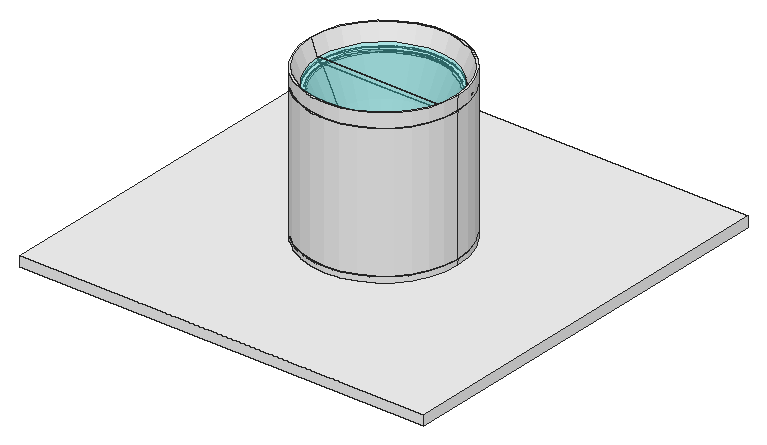
Revit family "BE_24419_de_DE", category Leuchten, Revit 2020
Family settings
  Basisbauteil = Fläche
  Bemaßung runder Anschluss = Durchmesser verwenden
  Teiletyp = Normal
  Beim Laden mit Abzugskörper schneiden = Ja
  Lichtquelle = Ja
  Gemeinsam genutzt = Nein
  Raumberechnungspunkt = Ja
Parameters (values of type "BEGA_24419_Weiß_K3")
  built-in parameter 1150104 = 10.87 (stored number, unit not read)
  Wattage = 24.1 W
  Default Elevation = 0 mm
  built-in parameter 1150113 = 1 (stored number, unit not read)
  built-in parameter 1114218 = 1 (stored number, unit not read)
  Umgebungstemperatur = "25 °C"
  URL = "https://www.bega.com/de/produkt/24419"
  Typenkommentare = "© 2022 BEGA. Wir behalten uns das Recht vor, technische Änderungen ohne vorherige Ankündigung vorzunehmen."  # constant formula
  Type Image = 24419.png
  built-in parameter 1150134 = (empty or 0)
  built-in parameter 1150109 = 1 (stored number, unit not read)
  Strom = "0,7 A"
  built-in parameter 1150110 = 1 (stored number, unit not read)
  Spannung = 239.996 V
  Sonderanfertigung = no
  Seriennummer [instance] = "Hier können Sie die eindeutige Seriennummer für das Facility Management eintragen."
  Schutzklasse = "I"
  Schutzart = "IP 65"
  Scheinlast = 0 VA
  Produktdatenblatt = "https://cdn.bega.com/bega/products/24419WK4/current/documents/data-sheets/de"
  Oberflächentemperatur = ""
  Neigungswinkel = 0.00°
  Modell = "24419WK3"
  Material_17 = BEGA_Reflektor
  Material_15 = BEGA_Leuchtmedium_matt
  Material_11 = BEGA_Glas_opal
  Material_09 = BEGA_Glas_klar
  Material_06 = BEGA_Oberfläche_Edelstahl_gebürstet
  Material_03 = BEGA_Oberfläche_Weiss_matt
  Material_02 = BEGA_Oberfläche_Silber_matt
  Material_01 [instance] = BEGA_Oberfläche_Grafit_matt
  M_W = yes
  M_G = no
  M_A = no
  Logo = 0
  built-in parameter 1114217 = 1 (stored number, unit not read)
  built-in parameter 1150139 = (empty or 0)
  built-in parameter 1150105 = 6903.7 (stored number, unit not read)
  built-in parameter 1150114 = 1 (stored number, unit not read)
  Lumens = 2819.7 lm
  built-in parameter 1150115 = 1 (stored number, unit not read)
  Leuchtenlichtstrom = "2827 lm"
  Leuchtenanzahl = ""
  Lebensdauerkriterien = "L70B50 @ 25 °C = 170000 h"
  Lastklassifizierung = Beleuchtung
  built-in parameter 1150112 = 1 (stored number, unit not read)
  Lampenlichtstrom = "3910 lm"
  Lampe = "LED 24.1 W"
  LED_Modulbezeichnung = "LED-0800/830"
  built-in parameter 1150142 = (empty or 0)
  Hersteller = "BEGA"  # constant formula
  Halbstreuwinkel = ""
  Gewicht = "1.7 kg"
  Gebrauchslageneinschränkung [instance] = ""
  Frequenz = "0/50-60 Hz"
  Farbwiedergabeindex = "CRI > 80"
  Farbtemperaturverschiebung bei Dämpfen der Lampe = <Keine Auswahl>
  Farbtemperatur = "3000 K"
  Color Filter = 16777215
  built-in parameter 1150133 = 10 (stored number, unit not read)
  Energieeffizienzklasse = "LED A++ - A"
  built-in parameter 1150137 = (empty or 0)
  built-in parameter 1150132 = (empty or 0)
  ENEC = "ja"
  Dimmbar [instance] = "DALI"
  Datei für fotometrisches Netz = "BE_24419K3.IES"
  CE_Konformität = "ja"
  Bestellnummer = "24419WK3"
  Beschreibung_Sonderanfertigung = "Hier können Sie Informationen zur Sonderanfertigung eintragen."
  Beschreibung = "Deckenaufbau-Tiefstrahler"
  built-in parameter 1150106 = 69.037 (stored number, unit not read)
  Befestigungsbohrung = "Ø 4,3 mm"
  Befestigungsabstand = "123 mm"
  Ballwurfsicher = ""
  BEGA_Intern_aus = yes
  BEGA_Intern_an = yes
  BEGA_Intern_Konstruktion = yes
  BEGA_Intern = yes
  BEGA_IES = yes
  BEGA_Dummy = no
  Anschlussleitung = ""
  Anschlussleistung [instance] = "27 W"
  Anschlusskasten = ""
  built-in parameter 1150107 = 3000 (stored number, unit not read)
  built-in parameter 1150102 = (empty or 0)
  built-in parameter 1150138 = (empty or 0)
  Aktualisierung = "2022-05-18T04:00:07"
  Abstand_zur_angestrahlten_Fläche [instance] = ""
  AC/DC = "AC/DC"
Types (4, lengths in mm): name | built-in parameter 1150104 | built-in parameter 1150134 | Modell | M_W | M_G | built-in parameter 1150105 | Lumens | Leuchtenlichtstrom | Lampenlichtstrom | LED_Modulbezeichnung | built-in parameter 1150142 | Farbtemperatur | Datei für fotometrisches Netz | Bestellnummer | built-in parameter 1150106 | built-in parameter 1150107
  BEGA_24419_Grafit_K4 | 11.148 (stored number, unit not read) | 12 | "24419K4" | no | yes | 230.14 (stored number, unit not read) | 2892 lm | "2900 lm" | "4010 lm" | "LED-0800/840" | "IESNA:LM-63-1995\r\n[TEST] \r\n[MANUFAC] BEGA\r\n[MORE] Converted by LUMCat V \r\n[MORE] 12.07.2019 / H.R.\r\n[LUMCAT] \r\n[LUMINAIRE] 24419K4\r\n[LAMPCAT] LED  24,1W\r\n[LAMPCAT] LED  24,1W    2900 lm,   27 W\r\n[LAMP] LED  24,1W\r\nTILT=NONE\r\n1    2900 1.0 37 1 1 2 -0.120 0.000 0.000\r\n1.0 1.0 27\r\n   0.0   2.5   5.0   7.5  10.0  12.5  15.0  17.5  20.0  22.5  25.0  27.5  30.0\r\n  32.5  35.0  37.5  40.0  42.5  45.0  47.5  50.0  52.5  55.0  57.5  60.0  62.5\r\n  65.0  67.5  70.0  72.5  75.0  77.5  80.0  82.5  85.0  87.5  90.0\r\n   0.0\r\n    7079.2    7100.4    7090.8    6766.3    6022.4    5173.0    4051.6    2930.5\r\n    2108.3    1596.7    1313.2    1120.1     948.3     790.8     631.7     505.9\r\n     365.5     227.1     129.7      74.9      52.5      40.1      30.9      21.2\r\n      11.0       3.7       0.9       0.1       0.0       0.0       0.0       0.0\r\n       0.0       0.0       0.0       0.0       0.0\r\n" | "4000 K" | "BE_24419K4.IES" | "24419K4" | 2.3014 (stored number, unit not read) | 4000 (stored number, unit not read)
  BEGA_24419_Grafit_K3 | 10.87 (stored number, unit not read) | (empty or 0) | "24419K3" | no | yes | 6903.7 (stored number, unit not read) | 2819.7 lm | "2827 lm" | "3910 lm" | "LED-0800/830" | (empty or 0) | "3000 K" | "BE_24419K3.IES" | "24419K3" | 69.037 (stored number, unit not read) | 3000 (stored number, unit not read)
  BEGA_24419_Weiß_K3 | 10.87 (stored number, unit not read) | (empty or 0) | "24419WK3" | yes | no | 6903.7 (stored number, unit not read) | 2819.7 lm | "2827 lm" | "3910 lm" | "LED-0800/830" | (empty or 0) | "3000 K" | "BE_24419K3.IES" | "24419WK3" | 69.037 (stored number, unit not read) | 3000 (stored number, unit not read)
  BEGA_24419_Weiß_K4 | 11.148 (stored number, unit not read) | 12 | "24419WK4" | yes | no | 7080.8 (stored number, unit not read) | 2892 lm | "2900 lm" | "4010 lm" | "LED-0800/840" | (empty or 0) | "4000 K" | "BE_24419K4.IES" | "24419WK4" | 70.808 (stored number, unit not read) | 4000 (stored number, unit not read)
Reference planes
  plane 1 "Mitte (Vorne/Hinten)": y = 0
  plane 2: z = 0
  plane 3 "Mitte (Links/Rechts)": x = 0
  plane 4 "Links": x = -73.502
  plane 5 "Rechts": x = 73.703
  plane 6 "Unten": y = -73.507
  plane 7 "Oben": y = 73.524
  plane 8 "Vorne": z = 150.379
  plane 9 "Hinten": z = 0
Forms (mm)
  Extrusion 1, solid, material "BEGA_Platte_Weiss"
    sketch origin (0, -1119.2, 0) x (1, 0, 0) y (0, 1, 0)
      loop
        line (-200, 1319.2) -> (-200, 919.2) -> (200, 919.2) -> (200, 1319.2) -> (-200, 1319.2)
    from 0 to -10
  Extrusion 2, solid, material "BEGA_Dummy_matt", visible <- "BEGA_Dummy"
    sketch origin (77.149, -76.023, 0) x (1, 0, 0) y (0, 1, 0)
      loop
        circle (-77.149, 76.023) r 73.502
    from 0 to 150.379
Dimensions and locks
  plane 1 "Mitte (Vorne/Hinten)" to Extrusion 1 = 200 mm
  aligned and locked: plane 2 to Extrusion 1
  aligned and locked: level to Extrusion 1
Nested families
  nested 1: "BE_24419" at (0, 0, 0), type "BE_24419"
Connectors
  electrical at (0, 0, 0), driven by "Lastklassifizierung", driven by "Spannung", driven by "Scheinlast"
    settings: index 1, voltage 239.996 V, apparent load 0 VA, apparent load phase1 0 VA, apparent load phase2 0 VA, apparent load phase3 0 VA, power factor 1, load classification "Beleuchtung", number of poles 1, system type 31, power factor state 1, is connector primary yes, connector utility no, sub classification motor no, connector description ""
Definition of nested family "BE_24419"
  Parameters (values of type "BE_24419")
    Default Elevation = 1 mm
    URL = "http://www.bega.de/de/produkt"
    Type Comments = "© 2015 BEGA. Wir behalten uns das Recht vor, technische Änderungen ohne vorherige Ankündigung vorzunehmen. "  # constant formula
    Type Image = (empty or 0)
    Neigungswinkel_um_Z2 = 0.00°
    Neigungswinkel_um_Z1 = 0.00°
    Neigungswinkel_um_Y2 = 0.00°
    Neigungswinkel_um_Y1 = 0.00°
    Neigungswinkel_um_X2 = 0.00°
    Neigungswinkel_um_X1 = 0.00°
    Material_17 = none
    Material_15 = none
    Material_11 = none
    Material_09 = none
    Material_06 = none
    Material_03 = none
    Material_02 = none
    Material_01 = none
    M_W = yes
    M_G = yes
    M_A = yes
    Länge_Platte = 200 mm  # constant formula
    Höhe_Platte = -10 mm  # constant formula
    Manufacturer = "BEGA"  # constant formula
    Drehwinkel_um_Z2 = 0.00°
    Drehwinkel_um_Z1 = 0.00°
    Breite_Platte = 200 mm  # constant formula
  Reference planes
    plane 1 "Mitte (Oben/Unten)": y = 0
    plane 2: z = 0
    plane 3 "Mitte (Links/Rechts)": x = 0
    plane 4 "Hinten": z = -40
    plane 5 "Links": x = -73.502
    plane 6 "Oben": y = 73.524
    plane 7 "Unten": y = -73.507
    plane 8: z = 150.2
    plane 9: x = 73.5
  Forms (mm)
    Extrusion 1, solid, detail levels medium
      sketch origin (0, 0, 0) x (1, 0, 0) y (0, 1, 0)
        loop
          line (-100, 100) -> (-100, -100) -> (100, -100) -> (100, 100) -> (-100, 100)
      from 0 to -10 <- "Höhe_Platte"
    Revolve 2, solid, material <- "Material_01", visible <- "M_G"
      sketch origin (0, 0, 0) x (1, 0, 0) y (0, 0, 1)
        loop
          line (-73.5, 136.2) -> (-73.5, 6) -> (-72.592, 6) -> (-71.5, 9) -> (-71.5, 24.964) -> (-63.501, 24.964) -> (-62.435, 55.5) -> (0, 55.5) -> (0, 60.5) -> (-61.52, 60.5) -> (-63.5, 117.2) -> (-71.5, 117.2) -> (-71.5, 133.2) -> (-72.592, 136.2) -> (-73.5, 136.2)
        axis (0, 6) -> (0, 136.2)
      angle from 0 to 360
    Revolve 3, solid, material <- "Material_17"
      sketch origin (0, 0, 0) x (1, 0, 0) y (0, 0, 1)
        loop
          arc (-61.084, 127.6) -> (-45.934, 95.233) -> (-27.286, 64.746) r 321.6
          arc (-27.286, 64.746) -> (-26.772, 64.283) -> (-26.105, 64.1) r 1.5
          line (-26.105, 64.1) -> (-25.035, 64.1) -> (-22.5, 64.1) -> (-22.5, 65.2)
          arc (-22.5, 65.2) -> (-22.646, 65.554) -> (-23, 65.7) r 0.5
          line (-23, 65.7) -> (-25.969, 65.7)
          arc (-25.969, 65.7) -> (-44.763, 96.49) -> (-59.972, 129.2) r 319.974
          line (-59.972, 129.2) -> (-64.916, 129.2) -> (-65, 127.6) -> (-61.084, 127.6)
        axis (0, 64.1) -> (0, 129.2)
      angle from 0 to 360
    Revolve 4, solid, material <- "Material_01", visible <- "M_G"
      sketch origin (0, 0, 0) x (1, 0, 0) y (0, 0, 1)
        loop
          line (-73.5, 150.2) -> (-73.5, 137.217) -> (-71.384, 136.994) -> (-69.5, 133.468) -> (-70.5, 132.891) -> (-70.5, 124.35) -> (-68.578, 123.7) -> (-66.339, 123.7) -> (-66.152, 129.2) -> (-62.553, 129.2)
          arc (-62.553, 129.2) -> (-61.858, 129.481) -> (-61.554, 130.166) r 1
          line (-61.554, 130.166) -> (-61.517, 131.2) -> (-64.965, 131.2) -> (-65, 132.2) -> (-72, 150.2) -> (-73.5, 150.2)
        axis (0, 123.7) -> (0, 150.2)
      angle from 0 to 360
    Revolve 5, solid, material <- "Material_15"
      sketch origin (0, 0, 0) x (1, 0, 0) y (0, 0, 1)
        loop
          line (-16, 60.5) -> (0, 60.5) -> (0, 62.05) -> (-16, 62.05) -> (-16, 60.5)
        axis (0, 60.5) -> (0, 62.05)
      angle from 0 to 360
    Revolve 6, solid, material <- "Material_09"
      sketch origin (0, 0, 0) x (1, 0, 0) y (0, 0, 1)
        loop
          line (-64.5, 135.8) -> (-64.5, 131.7) -> (0, 131.7) -> (0, 135.8) -> (-64.5, 135.8)
        axis (0, 131.7) -> (0, 135.8)
      angle from 0 to 360
    Revolve 7, solid, material <- "Material_03", visible <- "M_W"
      sketch origin (0, 0, 0) x (1, 0, 0) y (0, 0, 1)
        loop
          line (-73.5, 136.2) -> (-73.5, 6) -> (-72.592, 6) -> (-71.5, 9) -> (-71.5, 24.964) -> (-63.501, 24.964) -> (-62.435, 55.5) -> (0, 55.5) -> (0, 60.5) -> (-61.52, 60.5) -> (-63.5, 117.2) -> (-71.5, 117.2) -> (-71.5, 133.2) -> (-72.592, 136.2) -> (-73.5, 136.2)
        axis (0, 6) -> (0, 136.2)
      angle from 0 to 360
    Revolve 8, solid, material <- "Material_03", visible <- "M_W"
      sketch origin (0, 0, 0) x (1, 0, 0) y (0, 0, 1)
        loop
          line (-73.5, 150.2) -> (-73.5, 137.217) -> (-71.384, 136.994) -> (-69.5, 133.468) -> (-70.5, 132.891) -> (-70.5, 124.35) -> (-68.578, 123.7) -> (-66.339, 123.7) -> (-66.152, 129.2) -> (-62.553, 129.2)
          arc (-62.553, 129.2) -> (-61.858, 129.481) -> (-61.554, 130.166) r 1
          line (-61.554, 130.166) -> (-61.517, 131.2) -> (-64.965, 131.2) -> (-65, 132.2) -> (-72, 150.2) -> (-73.5, 150.2)
        axis (0, 123.7) -> (0, 150.2)
      angle from 0 to 360
    Revolve 9, solid, material <- "Material_01", visible <- "M_G"
      sketch origin (0, 0, 0) x (1, 0, 0) y (0, 0, 1)
        loop
          line (-66.29, 17) -> (0, 17) -> (0, 20) -> (-70.5, 20) -> (-70.5, 5.299) -> (-73.502, 4.983) -> (-73.502, 0) -> (-66.884, 0) -> (-66.29, 17)
        axis (0, 0) -> (0, 20)
      angle from 0 to 360
    Extrusion 10, solid, material <- "Material_01", visible <- "M_G"
      sketch origin (0, 0, 0) x (1, 0, 0) y (0, 1, 0)
        loop
          circle (-61.5, 0) r 2.233
        loop
          circle (-61.5, 0) r 6.309
        loop
          circle (61.5, 0) r 2.233
        loop
          circle (61.5, 0) r 6.309
      from 0 to 24.964
    Revolve 11, solid, material <- "Material_03", visible <- "M_W"
      sketch origin (0, 0, 0) x (1, 0, 0) y (0, 0, 1)
        loop
          line (-66.29, 17) -> (0, 17) -> (0, 20) -> (-70.5, 20) -> (-70.5, 5.299) -> (-73.502, 4.983) -> (-73.502, 0) -> (-66.884, 0) -> (-66.29, 17)
        axis (0, 0) -> (0, 20)
      angle from 0 to 360
    Extrusion 12, solid, material <- "Material_03", visible <- "M_W"
      sketch origin (0, 0, 0) x (1, 0, 0) y (0, 1, 0)
        loop
          circle (-61.5, 0) r 2.233
        loop
          circle (-61.5, 0) r 6.309
        loop
          circle (61.5, 0) r 2.233
        loop
          circle (61.5, 0) r 6.309
      from 0 to 24.964
    Extrusion 13, void
      sketch origin (0, 0, 0) x (1, 0, 0) y (0, 1, 0)
        loop
          circle (-20, -46) r 7.197
        loop
          circle (-20, 46) r 7.197
      from 0 to 24.964
  Cuts and joins
    Extrusion 13 cuts Revolve 9
    Extrusion 13 cuts Extrusion 10
    joined: Revolve 9, Extrusion 10
    Extrusion 13 cuts Revolve 11
    Extrusion 13 cuts Extrusion 12
    joined: Revolve 11, Extrusion 12
    Extrusion 13 cuts Revolve 2
    Extrusion 13 cuts Revolve 3
    Extrusion 13 cuts Revolve 6
    Extrusion 13 cuts Revolve 7
  Dimensions and locks
    equal spacing: Extrusion 1 sketch curve, plane 3 "Mitte (Links/Rechts)", Extrusion 1 sketch curve
    equal spacing: Extrusion 1 sketch curve, plane 1 "Mitte (Oben/Unten)", Extrusion 1 sketch curve
    "Länge_Platte": Extrusion 1 sketch curve to Extrusion 1 sketch curve
    "Breite_Platte": Extrusion 1 sketch curve to Extrusion 1 sketch curve
    aligned and locked: plane 2 to Extrusion 1
    aligned and locked: level to Extrusion 1
  Automatic sketch dimensions
    Revolve 2 sketch curve to plane 3 "Mitte (Links/Rechts)" = 0 mm  (x2)
    Revolve 2 sketch curve to plane 3 "Mitte (Links/Rechts)" = 61.52 mm
    Revolve 2 sketch curve to Revolve 2 sketch curve = 0.915 mm
    Revolve 2 sketch curve to Revolve 2 sketch curve = 1.98 mm
    Revolve 2 sketch curve to Revolve 2 sketch curve = 1.066 mm
    level to Revolve 2 sketch curve = 9 mm
    Revolve 2 sketch curve to Revolve 2 sketch curve = 7.999 mm
    Revolve 2 sketch curve to Revolve 2 sketch curve = 8 mm
    Revolve 2 sketch curve to Revolve 2 sketch curve = 1.092 mm  (x2)
    level to Revolve 2 sketch curve = 6 mm
    Revolve 2 sketch curve to Revolve 2 sketch curve = 0.908 mm
    Revolve 2 sketch curve to Revolve 2 sketch curve = 15.964 mm
    level to Revolve 2 sketch curve = 55.5 mm
    Revolve 2 sketch curve to Revolve 2 sketch curve = 5 mm
    Revolve 2 sketch curve to Revolve 2 sketch curve = 56.7 mm
    Revolve 2 sketch curve to Revolve 2 sketch curve = 16 mm
    Revolve 2 sketch curve to Revolve 2 sketch curve = 3 mm
    Revolve 2 sketch curve to Revolve 2 sketch curve = 38.059 mm
    Revolve 2 sketch curve to Revolve 2 sketch curve = 10 mm
    Revolve 3 sketch curve to Revolve 3 sketch curve = 0 mm  (x4)
    Revolve 3 sketch curve to plane 3 "Mitte (Links/Rechts)" = 0 mm
    Revolve 3 sketch curve to plane 3 "Mitte (Links/Rechts)" = 22.5 mm
    Revolve 3 sketch curve to Revolve 3 sketch curve = 0.5 mm
    Revolve 3 sketch curve to Revolve 3 sketch curve = 2.035 mm
    Revolve 3 sketch curve to Revolve 3 sketch curve = 1.07 mm
    Revolve 3 sketch curve to plane 3 "Mitte (Links/Rechts)" = 59.972 mm
    Revolve 3 sketch curve to Revolve 3 sketch curve = 1.111 mm
    Revolve 3 sketch curve to Revolve 3 sketch curve = 3.833 mm
    Revolve 3 sketch curve to Revolve 3 sketch curve = 0.084 mm
    Revolve 3 sketch curve to Revolve 3 sketch curve = 1.1 mm
    Revolve 3 sketch curve to Revolve 3 sketch curve = 1.6 mm
    Revolve 3 sketch curve to Revolve 3 sketch curve = 2.969 mm
    Revolve 3 sketch curve to Revolve 3 sketch curve = 36.359 mm
    Revolve 3 sketch curve to Revolve 3 sketch curve = 5 mm
    Revolve 3 sketch curve to Revolve 3 sketch curve = 0.054 mm
    Revolve 3 sketch curve to Revolve 3 sketch curve = 1.499 mm
    Revolve 3 sketch curve to Revolve 3 sketch curve = 20.541 mm
    Revolve 4 sketch curve to plane 3 "Mitte (Links/Rechts)" = 0 mm
    Revolve 4 sketch curve to plane 3 "Mitte (Links/Rechts)" = 61.517 mm
    Revolve 4 sketch curve to Revolve 4 sketch curve = 0.036 mm
    Revolve 4 sketch curve to Revolve 4 sketch curve = 0.999 mm
    Revolve 4 sketch curve to Revolve 4 sketch curve = 2.412 mm
    Revolve 4 sketch curve to Revolve 4 sketch curve = 0.035 mm
    Revolve 4 sketch curve to Revolve 4 sketch curve = 1.187 mm
    Revolve 4 sketch curve to Revolve 4 sketch curve = 0.187 mm
    Revolve 4 sketch curve to Revolve 4 sketch curve = 2.239 mm
    Revolve 4 sketch curve to Revolve 4 sketch curve = 4.5 mm
    Revolve 4 sketch curve to Revolve 4 sketch curve = 1 mm  (x2)
    Revolve 4 sketch curve to Revolve 4 sketch curve = 1.884 mm
    Revolve 4 sketch curve to Revolve 4 sketch curve = 0.616 mm
    Revolve 4 sketch curve to Revolve 4 sketch curve = 2.116 mm
    Revolve 4 sketch curve to Revolve 4 sketch curve = 0.65 mm
    Revolve 4 sketch curve to Revolve 4 sketch curve = 5.5 mm
    Revolve 4 sketch curve to Revolve 4 sketch curve = 0.966 mm
    Revolve 4 sketch curve to Revolve 4 sketch curve = 1.034 mm
    Revolve 4 sketch curve to Revolve 4 sketch curve = 0.691 mm
    Revolve 4 sketch curve to Revolve 4 sketch curve = 0.577 mm
    Revolve 4 sketch curve to Revolve 4 sketch curve = 3.526 mm
    Revolve 4 sketch curve to Revolve 4 sketch curve = 0.222 mm
    Revolve 4 sketch curve to Revolve 4 sketch curve = 12.983 mm
    Revolve 4 sketch curve to Revolve 4 sketch curve = 10 mm
    Revolve 5 sketch curve to plane 3 "Mitte (Links/Rechts)" = 0 mm  (x2)
    Revolve 5 sketch curve to Revolve 5 sketch curve = 16 mm
    Revolve 5 sketch curve to Revolve 5 sketch curve = 0 mm
    level to Revolve 5 sketch curve = 60.5 mm
    Revolve 5 sketch curve to Revolve 5 sketch curve = 1.55 mm
    Revolve 5 sketch curve to Revolve 5 sketch curve = 10.335 mm
    Revolve 5 sketch curve to Revolve 5 sketch curve = 2.718 mm
    Revolve 6 sketch curve to plane 3 "Mitte (Links/Rechts)" = 0 mm  (x2)
    Revolve 6 sketch curve to Revolve 6 sketch curve = 64.5 mm
    Revolve 6 sketch curve to Revolve 6 sketch curve = 4.1 mm
    Revolve 6 sketch curve to Revolve 6 sketch curve = 20 mm
    Revolve 6 sketch curve to Revolve 6 sketch curve = 17.052 mm
    Revolve 7 sketch curve to plane 3 "Mitte (Links/Rechts)" = 0 mm  (x2)
    Revolve 7 sketch curve to plane 3 "Mitte (Links/Rechts)" = 61.52 mm
    Revolve 7 sketch curve to Revolve 7 sketch curve = 0.915 mm
    Revolve 7 sketch curve to Revolve 7 sketch curve = 1.98 mm
    Revolve 7 sketch curve to Revolve 7 sketch curve = 1.066 mm
    level to Revolve 7 sketch curve = 9 mm
    Revolve 7 sketch curve to Revolve 7 sketch curve = 7.999 mm
    Revolve 7 sketch curve to Revolve 7 sketch curve = 8 mm
    Revolve 7 sketch curve to Revolve 7 sketch curve = 1.092 mm  (x2)
    level to Revolve 7 sketch curve = 6 mm
    Revolve 7 sketch curve to Revolve 7 sketch curve = 0.908 mm
    Revolve 7 sketch curve to Revolve 7 sketch curve = 15.964 mm
    level to Revolve 7 sketch curve = 55.5 mm
    Revolve 7 sketch curve to Revolve 7 sketch curve = 5 mm
    Revolve 7 sketch curve to Revolve 7 sketch curve = 56.7 mm
    Revolve 7 sketch curve to Revolve 7 sketch curve = 16 mm
    Revolve 7 sketch curve to Revolve 7 sketch curve = 3 mm
    Revolve 7 sketch curve to Revolve 7 sketch curve = 38.059 mm
    Revolve 7 sketch curve to Revolve 7 sketch curve = 10 mm
    Revolve 8 sketch curve to plane 3 "Mitte (Links/Rechts)" = 0 mm
    Revolve 8 sketch curve to plane 3 "Mitte (Links/Rechts)" = 61.517 mm
    Revolve 8 sketch curve to Revolve 8 sketch curve = 0.036 mm
    Revolve 8 sketch curve to Revolve 8 sketch curve = 0.999 mm
    Revolve 8 sketch curve to Revolve 8 sketch curve = 2.412 mm
    Revolve 8 sketch curve to Revolve 8 sketch curve = 0.035 mm
    Revolve 8 sketch curve to Revolve 8 sketch curve = 1.187 mm
    Revolve 8 sketch curve to Revolve 8 sketch curve = 0.187 mm
    Revolve 8 sketch curve to Revolve 8 sketch curve = 2.239 mm
    Revolve 8 sketch curve to Revolve 8 sketch curve = 4.5 mm
    Revolve 8 sketch curve to Revolve 8 sketch curve = 1 mm  (x2)
    Revolve 8 sketch curve to Revolve 8 sketch curve = 1.884 mm
    Revolve 8 sketch curve to Revolve 8 sketch curve = 0.616 mm
    Revolve 8 sketch curve to Revolve 8 sketch curve = 2.116 mm
    Revolve 8 sketch curve to Revolve 8 sketch curve = 0.65 mm
    Revolve 8 sketch curve to Revolve 8 sketch curve = 5.5 mm
    Revolve 8 sketch curve to Revolve 8 sketch curve = 0.966 mm
    Revolve 8 sketch curve to Revolve 8 sketch curve = 1.034 mm
    Revolve 8 sketch curve to Revolve 8 sketch curve = 0.691 mm
    Revolve 8 sketch curve to Revolve 8 sketch curve = 0.577 mm
    Revolve 8 sketch curve to Revolve 8 sketch curve = 3.526 mm
    Revolve 8 sketch curve to Revolve 8 sketch curve = 0.222 mm
    Revolve 8 sketch curve to Revolve 8 sketch curve = 12.983 mm
    Revolve 8 sketch curve to Revolve 8 sketch curve = 10 mm
    level to Revolve 3 sketch curve = 64.1 mm
    level to Revolve 4 sketch curve = 123.7 mm
    Revolve 4 sketch curve to Revolve 4 sketch curve = 21.001 mm
    level to Revolve 6 sketch curve = 131.7 mm
    level to Revolve 8 sketch curve = 123.7 mm
    Revolve 8 sketch curve to Revolve 8 sketch curve = 21.001 mm
    plane 3 "Mitte (Links/Rechts)" to Revolve 3 sketch curve = 237.314 mm
    Revolve 9 sketch curve to level = 0 mm
    Revolve 9 sketch curve to plane 5 "Links" = 0 mm
    Revolve 9 sketch curve to plane 3 "Mitte (Links/Rechts)" = 0 mm  (x2)
    plane 5 "Links" to Revolve 9 sketch curve = 3.003 mm
    Revolve 9 sketch curve to Revolve 9 sketch curve = 3.616 mm
    Revolve 9 sketch curve to Revolve 9 sketch curve = 4.21 mm
    Revolve 9 sketch curve to Revolve 9 sketch curve = 4.983 mm
    Revolve 9 sketch curve to Revolve 9 sketch curve = 0.316 mm
    Revolve 9 sketch curve to Revolve 9 sketch curve = 11.701 mm
    Revolve 9 sketch curve to Revolve 9 sketch curve = 3 mm
    Revolve 9 sketch curve to Revolve 9 sketch curve = 7.056 mm
    Revolve 9 sketch curve to Revolve 9 sketch curve = 11.305 mm
    Extrusion 10 sketch curve to Extrusion 10 sketch curve = 0 mm  (x4)
    plane 1 "Mitte (Oben/Unten)" to Extrusion 10 sketch curve = 0 mm  (x2)
    plane 5 "Links" to Extrusion 10 sketch curve = 12.002 mm
    Extrusion 10 sketch curve to plane 9 = 12 mm
    Revolve 11 sketch curve to level = 0 mm
    Revolve 11 sketch curve to plane 5 "Links" = 0 mm
    Revolve 11 sketch curve to plane 3 "Mitte (Links/Rechts)" = 0 mm  (x2)
    plane 5 "Links" to Revolve 11 sketch curve = 3.003 mm
    Revolve 11 sketch curve to Revolve 11 sketch curve = 3.616 mm
    Revolve 11 sketch curve to Revolve 11 sketch curve = 4.21 mm
    Revolve 11 sketch curve to Revolve 11 sketch curve = 4.983 mm
    Revolve 11 sketch curve to Revolve 11 sketch curve = 0.316 mm
    Revolve 11 sketch curve to Revolve 11 sketch curve = 11.701 mm
    Revolve 11 sketch curve to Revolve 11 sketch curve = 3 mm
    Revolve 11 sketch curve to Revolve 11 sketch curve = 7.056 mm
    Revolve 11 sketch curve to Revolve 11 sketch curve = 11.305 mm
    Extrusion 12 sketch curve to Extrusion 12 sketch curve = 0 mm  (x4)
    plane 1 "Mitte (Oben/Unten)" to Extrusion 12 sketch curve = 0 mm  (x2)
    plane 5 "Links" to Extrusion 12 sketch curve = 12.002 mm
    Extrusion 12 sketch curve to plane 9 = 12 mm
    radius of Extrusion 10 sketch curve = 2.233 mm  (x2)
    radius of Extrusion 10 sketch curve = 6.309 mm  (x2)
    radius of Extrusion 12 sketch curve = 2.233 mm  (x2)
    radius of Extrusion 12 sketch curve = 6.309 mm  (x2)
